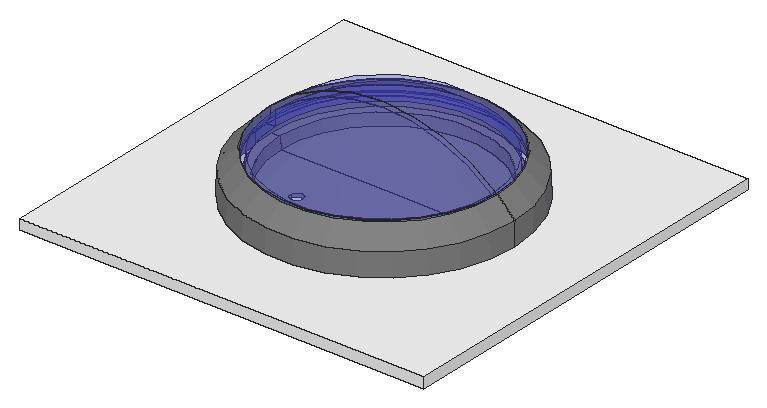
Revit family "BE_24175_de_DE", category Leuchten, Revit 2020
Family settings
  Basisbauteil = Fläche
  Bemaßung runder Anschluss = Durchmesser verwenden
  Teiletyp = Normal
  Beim Laden mit Abzugskörper schneiden = Ja
  Lichtquelle = Ja
  Gemeinsam genutzt = Nein
  Raumberechnungspunkt = Ja
Parameters (values of type "BEGA_24175_Grafit_K3")
  built-in parameter 1150104 = 15.524 (stored number, unit not read)
  Wattage = 12.9 W
  Default Elevation = 0 mm
  built-in parameter 1150113 = 1 (stored number, unit not read)
  built-in parameter 1114218 = 1 (stored number, unit not read)
  Umgebungstemperatur = "25 °C"
  URL = "https://www.bega.com/de/produkt/24175"
  Typenkommentare = "© 2022 BEGA. Wir behalten uns das Recht vor, technische Änderungen ohne vorherige Ankündigung vorzunehmen."  # constant formula
  Type Image = 24175.png
  built-in parameter 1150134 = (empty or 0)
  built-in parameter 1150109 = 1 (stored number, unit not read)
  Strom = ""
  built-in parameter 1150110 = 1 (stored number, unit not read)
  Spannung = 239.996 V
  Sonderanfertigung = no
  Seriennummer [instance] = "Hier können Sie die eindeutige Seriennummer für das Facility Management eintragen."
  Schutzklasse = "I"
  Schutzart = "IP 65"
  Scheinlast = 0 VA
  Produktdatenblatt = "https://cdn.bega.com/bega/products/24175K4/current/documents/data-sheets/de"
  Oberflächentemperatur = ""
  Neigungswinkel = 0.00°
  Modell = "24175K3"
  Material_17 = BEGA_Reflektor
  Material_15 = BEGA_Leuchtmedium_matt
  Material_11 = BEGA_Glas_opal
  Material_09 = BEGA_Glas_klar
  Material_06 = BEGA_Oberfläche_Edelstahl_gebürstet
  Material_03 = BEGA_Oberfläche_Weiss_matt
  Material_02 = BEGA_Oberfläche_Silber_matt
  Material_01 [instance] = BEGA_Oberfläche_Grafit_matt
  M_W = no
  M_G = yes
  M_A = no
  Logo = 0
  built-in parameter 1114217 = 1 (stored number, unit not read)
  built-in parameter 1150139 = (empty or 0)
  built-in parameter 1150105 = 171.54 (stored number, unit not read)
  built-in parameter 1150114 = 1 (stored number, unit not read)
  Lumens = 2155.59 lm
  built-in parameter 1150115 = 1 (stored number, unit not read)
  Leuchtenlichtstrom = "1450 lm"
  Leuchtenanzahl = ""
  Lebensdauerkriterien = "L70B50 @ 25 °C = 170000 h"
  Lastklassifizierung = Beleuchtung
  built-in parameter 1150112 = 1 (stored number, unit not read)
  Lampenlichtstrom = "2155 lm"
  Lampe = "LED 12.9 W"
  LED_Modulbezeichnung = "LED-0985/830"
  built-in parameter 1150142 = (empty or 0)
  Hersteller = "BEGA"  # constant formula
  Halbstreuwinkel = ""
  Gewicht = "2.5 kg"
  Gebrauchslageneinschränkung [instance] = ""
  Frequenz = "0/50-60 Hz"
  Farbwiedergabeindex = "CRI > 80"
  Farbtemperaturverschiebung bei Dämpfen der Lampe = <Keine Auswahl>
  Farbtemperatur = "3000 K"
  Color Filter = 16777215
  built-in parameter 1150133 = 10 (stored number, unit not read)
  Energieeffizienzklasse = "LED A++ - A"
  built-in parameter 1150137 = (empty or 0)
  built-in parameter 1150132 = (empty or 0)
  ENEC = "ja"
  Datei für fotometrisches Netz = "BE_24175K3.IES"
  CE_Konformität = "ja"
  Bestellnummer = "24175K3"
  Beschreibung_Sonderanfertigung = "Hier können Sie Informationen zur Sonderanfertigung eintragen."
  Beschreibung = "Decken- und Wandleuchte"
  built-in parameter 1150106 = 1.7154 (stored number, unit not read)
  Befestigungsbohrung = "Ø 4,5 mm"
  Befestigungsabstand = "236 mm"
  Ballwurfsicher = ""
  BEGA_Intern_aus = yes
  BEGA_Intern_an = yes
  BEGA_Intern_Konstruktion = yes
  BEGA_Intern = yes
  BEGA_IES = yes
  BEGA_Dummy = no
  Anschlussleitung = ""
  Anschlussleistung [instance] = "15 W"
  built-in parameter 1150107 = 3000 (stored number, unit not read)
  built-in parameter 1150102 = (empty or 0)
  built-in parameter 1150138 = (empty or 0)
  Aktualisierung = "2022-05-18T04:00:07"
  Abstand_zur_angestrahlten_Fläche [instance] = ""
  AC/DC = "AC/DC"
Types (4, lengths in mm): name | built-in parameter 1150104 | built-in parameter 1150134 | Modell | M_G | M_A | built-in parameter 1150105 | Lumens | Leuchtenlichtstrom | Lampenlichtstrom | LED_Modulbezeichnung | Farbtemperatur | Datei für fotometrisches Netz | Bestellnummer | built-in parameter 1150106 | built-in parameter 1150107
  BEGA_24175_Silber_K3 | 15.524 (stored number, unit not read) | (empty or 0) | "24175AK3" | no | yes | 171.54 (stored number, unit not read) | 2155.59 lm | "1450 lm" | "2155 lm" | "LED-0985/830" | "3000 K" | "BE_24175K3.IES" | "24175AK3" | 1.7154 (stored number, unit not read) | 3000 (stored number, unit not read)
  BEGA_24175_Grafit_K3 | 15.524 (stored number, unit not read) | (empty or 0) | "24175K3" | yes | no | 171.54 (stored number, unit not read) | 2155.59 lm | "1450 lm" | "2155 lm" | "LED-0985/830" | "3000 K" | "BE_24175K3.IES" | "24175K3" | 1.7154 (stored number, unit not read) | 3000 (stored number, unit not read)
  BEGA_24175_Silber_K4 | 16.314 (stored number, unit not read) | 12 | "24175AK4" | no | yes | 180.26 (stored number, unit not read) | 2265.24 lm | "1524 lm" | "2265 lm" | "LED-0985/840" | "4000 K" | "BE_24175K4.IES" | "24175AK4" | 1.8026 (stored number, unit not read) | 4000 (stored number, unit not read)
  BEGA_24175_Grafit_K4 | 16.314 (stored number, unit not read) | 12 | "24175K4" | yes | no | 180.26 (stored number, unit not read) | 2265.24 lm | "1524 lm" | "2265 lm" | "LED-0985/840" | "4000 K" | "BE_24175K4.IES" | "24175K4" | 1.8026 (stored number, unit not read) | 4000 (stored number, unit not read)
Reference planes
  plane 1 "Mitte (Vorne/Hinten)": y = 0
  plane 2: z = 0
  plane 3 "Mitte (Links/Rechts)": x = 0
  plane 4 "Links": x = -130
  plane 5 "Rechts": x = 130
  plane 6 "Unten": y = -130
  plane 7 "Oben": y = 130
  plane 8 "Vorne": z = 86
  plane 9 "Hinten": z = 0
Forms (mm)
  Extrusion 1, solid, material "BEGA_Platte_Weiss"
    sketch origin (0, -1119.2, 0) x (1, 0, 0) y (0, 1, 0)
      loop
        line (-200, 1319.2) -> (-200, 919.2) -> (200, 919.2) -> (200, 1319.2) -> (-200, 1319.2)
    from 0 to -10
  Extrusion 2, solid, material "BEGA_Dummy_matt", visible <- "BEGA_Dummy"
    sketch origin (77.149, -76.023, 0) x (1, 0, 0) y (0, 1, 0)
      loop
        circle (-77.149, 76.023) r 130
    from 0 to 86
Dimensions and locks
  plane 1 "Mitte (Vorne/Hinten)" to Extrusion 1 = 200 mm
  aligned and locked: plane 2 to Extrusion 1
  aligned and locked: level to Extrusion 1
Nested families
  nested 1: "BE_24175" at (0, 0, 0), type "BE_24175"
Connectors
  electrical at (0, 0, 0), driven by "Lastklassifizierung", driven by "Spannung", driven by "Scheinlast"
    settings: index 1, voltage 239.996 V, apparent load 0 VA, apparent load phase1 0 VA, apparent load phase2 0 VA, apparent load phase3 0 VA, power factor 1, load classification "Beleuchtung", number of poles 1, system type 31, power factor state 1, is connector primary yes, connector utility no, sub classification motor no, connector description ""
Definition of nested family "BE_24175"
  Parameters (values of type "BE_24175")
    Default Elevation = 1 mm
    URL = "http://www.bega.de/de/produkt"
    Type Comments = "© 2015 BEGA. Wir behalten uns das Recht vor, technische Änderungen ohne vorherige Ankündigung vorzunehmen. "  # constant formula
    Type Image = (empty or 0)
    Neigungswinkel_um_Z2 = 0.00°
    Neigungswinkel_um_Z1 = 0.00°
    Neigungswinkel_um_Y2 = 0.00°
    Neigungswinkel_um_Y1 = 0.00°
    Neigungswinkel_um_X2 = 0.00°
    Neigungswinkel_um_X1 = 0.00°
    Material_17 = none
    Material_15 = none
    Material_11 = none
    Material_09 = none
    Material_06 = none
    Material_02 = none
    Material_01 = none
    M_W = yes
    M_G = yes
    M_A = yes
    Länge_Platte = 200 mm  # constant formula
    Höhe_Platte = -10 mm  # constant formula
    Manufacturer = "BEGA"  # constant formula
    Drehwinkel_um_Z2 = 0.00°
    Drehwinkel_um_Z1 = 0.00°
    Breite_Platte = 200 mm  # constant formula
  Reference planes
    plane 1 "Mitte (Oben/Unten)": y = 0
    plane 2: z = 0
    plane 3 "Mitte (Links/Rechts)": x = 0
    plane 4 "Vorne": z = 86
    plane 5 "Hinten": z = -100
    plane 6 "Rechts": x = 130
    plane 7 "Oben": y = 130
    plane 8 "Unten": y = -130
    plane 9: x = -130
  Forms (mm)
    Extrusion 1, solid, detail levels medium
      sketch origin (0, 0, 0) x (1, 0, 0) y (0, 1, 0)
        loop
          line (-100, 100) -> (-100, -100) -> (100, -100) -> (100, 100) -> (-100, 100)
      from 0 to -10 <- "Höhe_Platte"
    Revolve 2, solid, material <- "Material_11"
      sketch origin (0, 0, 0) x (1, 0, 0) y (0, 0, 1)
        loop
          arc (0, 85.441) -> (-59.627, 74.573) -> (-111.585, 43.365) r 168.999
          line (-111.585, 43.365) -> (-112.017, 31) -> (-115.862, 31) -> (-116.036, 26) -> (-107.188, 26) -> (-106.664, 41.016)
          arc (-106.664, 41.016) -> (-56.859, 70.269) -> (0, 80.441) r 164.002
          line (0, 80.441) -> (0, 85.441)
        axis (0, 85.441) -> (0, 26)
      angle from 0 to 360
    Revolve 3, solid
      sketch origin (0, 0, 0) x (1, 0, 0) y (0, 0, 1)
        loop
          arc (-112.664, 42.63) -> (-121.237, 34.401) -> (-129.211, 25.591) r 169
          line (-129.211, 25.591) -> (-130, 3) -> (-127.4, 3) -> (-126.651, 24.435)
          arc (-126.651, 24.435) -> (-122.893, 28.702) -> (-118.991, 32.838) r 166.3
          line (-118.991, 32.838) -> (-113, 33.014) -> (-112.664, 42.63)
        axis (0, 3) -> (0, 42.63)
      angle from 0 to 360
    Revolve 4, solid, material <- "Material_01"
      sketch origin (0, 0, 0) x (1, 0, 0) y (0, 0, 1)
        loop
          line (-111.681, 0) -> (-108, 0) -> (-107.623, 10.8) -> (-105.2, 10.8) -> (-104.99, 4.8) -> (0, 4.8) -> (0, 7.6) -> (-102.084, 7.6) -> (-102.5, 19.5) -> (-111.14, 19.5) -> (-111.07, 17.5) -> (-111.681, 0)
        axis (0, 0) -> (0, 19.5)
      angle from 0 to 360
    Revolve 5, solid, material <- "Material_01", visible <- "M_G"
      sketch origin (0, 0, 0) x (1, 0, 0) y (0, 0, 1)
        loop
          arc (-112.664, 42.63) -> (-121.237, 34.401) -> (-129.211, 25.591) r 169
          line (-129.211, 25.591) -> (-130, 3) -> (-127.4, 3) -> (-126.651, 24.435)
          arc (-126.651, 24.435) -> (-122.893, 28.702) -> (-118.991, 32.838) r 166.3
          line (-118.991, 32.838) -> (-113, 33.014) -> (-112.664, 42.63)
        axis (0, 3) -> (0, 42.63)
      angle from 0 to 360
    Extrusion 6, solid, material <- "Material_01"
      sketch origin (0, 0, 0) x (1, 0, 0) y (0, 1, 0)
        loop
          arc (-122.07, 15.099) -> (-123, 0) -> (-122.07, -15.099) r 123
          line (-122.07, -15.099) -> (-108.551, -17.482)
          arc (-108.551, -17.482) -> (-109.95, 0) -> (-108.551, 17.482) r 109.95
          line (-108.551, 17.482) -> (-122.07, 15.099)
        loop
          arc (-119.806, 7.818) -> (-120.061, 0.077) -> (-119.816, -7.663) r 120.061
          arc (-119.816, -7.663) -> (-117.312, -10.06) -> (-114.714, -7.765) r 2.561
          arc (-114.714, -7.765) -> (-114.962, -0.016) -> (-114.71, 7.733) r 120.061
          arc (-114.71, 7.733) -> (-117.295, 10.06) -> (-119.816, 7.663) r 2.561
        loop
          line (122.07, 15.099) -> (108.551, 17.482)
          arc (108.551, 17.482) -> (109.95, 0) -> (108.551, -17.482) r 109.95
          line (108.551, -17.482) -> (122.07, -15.099)
          arc (122.07, -15.099) -> (123, 0) -> (122.07, 15.099) r 123
        loop
          arc (119.816, -7.663) -> (120.061, 0) -> (119.816, 7.663) r 120.061
          arc (119.816, 7.663) -> (117.48, 10.051) -> (114.77, 8.097) r 2.561
          arc (114.77, 8.097) -> (115.041, 0.008) -> (114.766, -8.081) r 120.061
          arc (114.766, -8.081) -> (117.471, -10.052) -> (119.816, -7.663) r 2.561
      from 0 to 3.077
    Revolve 7, solid, material <- "Material_02", visible <- "M_A"
      sketch origin (0, 0, 0) x (1, 0, 0) y (0, 0, 1)
        loop
          arc (-112.664, 42.63) -> (-121.237, 34.401) -> (-129.211, 25.591) r 169
          line (-129.211, 25.591) -> (-130, 3) -> (-127.4, 3) -> (-126.651, 24.435)
          arc (-126.651, 24.435) -> (-122.893, 28.702) -> (-118.991, 32.838) r 166.3
          line (-118.991, 32.838) -> (-113, 33.014) -> (-112.664, 42.63)
        axis (0, 3) -> (0, 42.63)
      angle from 0 to 360
    Extrusion 8, void
      sketch origin (0, 0, 0) x (1, 0, 0) y (0, 1, 0)
        loop
          circle (-45.491, -50.894) r 6.005
        loop
          circle (45.491, -50.894) r 6.005
      from 0 to 20.35
  Cuts and joins
    Extrusion 8 cuts Revolve 4
    Extrusion 8 cuts Extrusion 6
    joined: Revolve 4, Extrusion 6
    Extrusion 8 cuts Revolve 2
  Dimensions and locks
    equal spacing: Extrusion 1 sketch curve, plane 3 "Mitte (Links/Rechts)", Extrusion 1 sketch curve
    equal spacing: Extrusion 1 sketch curve, plane 1 "Mitte (Oben/Unten)", Extrusion 1 sketch curve
    "Länge_Platte": Extrusion 1 sketch curve to Extrusion 1 sketch curve
    "Breite_Platte": Extrusion 1 sketch curve to Extrusion 1 sketch curve
    aligned and locked: plane 2 to Extrusion 1
    aligned and locked: level to Extrusion 1
  Automatic sketch dimensions
    level to Revolve 2 sketch curve = 26 mm
    Revolve 2 sketch curve to Revolve 2 sketch curve = 0.175 mm
    level to Revolve 2 sketch curve = 31 mm
    Revolve 2 sketch curve to Revolve 2 sketch curve = 3.845 mm
    Revolve 2 sketch curve to Revolve 2 sketch curve = 0.432 mm
    Revolve 2 sketch curve to Revolve 2 sketch curve = 4.828 mm
    Revolve 2 sketch curve to Revolve 2 sketch curve = 4.921 mm
    Revolve 2 sketch curve to plane 3 "Mitte (Links/Rechts)" = 0 mm
    plane 3 "Mitte (Links/Rechts)" to Revolve 2 sketch curve = 0 mm
    plane 3 "Mitte (Links/Rechts)" to Revolve 2 sketch curve = 0.001 mm
    plane 5 "Hinten" to Revolve 2 sketch curve = 16.442 mm
    Revolve 2 sketch curve to Revolve 2 sketch curve = 0.002 mm
    Revolve 2 sketch curve to Revolve 2 sketch curve = 10.016 mm
    Revolve 2 sketch curve to Revolve 2 sketch curve = 2.35 mm
    Revolve 2 sketch curve to Revolve 2 sketch curve = 0 mm  (x3)
    Revolve 3 sketch curve to plane 3 "Mitte (Links/Rechts)" = 0 mm  (x2)
    level to Revolve 3 sketch curve = 42.63 mm
    level to Revolve 3 sketch curve = 33.014 mm
    Revolve 3 sketch curve to Revolve 3 sketch curve = 0.336 mm
    level to Revolve 3 sketch curve = 32.838 mm
    Revolve 3 sketch curve to Revolve 3 sketch curve = 5.992 mm
    level to Revolve 3 sketch curve = 24.435 mm
    Revolve 3 sketch curve to Revolve 3 sketch curve = 7.66 mm
    level to Revolve 3 sketch curve = 3 mm
    Revolve 3 sketch curve to Revolve 3 sketch curve = 0.749 mm
    level to Revolve 3 sketch curve = 25.591 mm
    Revolve 3 sketch curve to Revolve 3 sketch curve = 2.56 mm
    Revolve 3 sketch curve to Revolve 3 sketch curve = 2.6 mm
    plane 3 "Mitte (Links/Rechts)" to Revolve 3 sketch curve = 0 mm
    level to Revolve 3 sketch curve = 8.328 mm
    Revolve 3 sketch curve to Revolve 3 sketch curve = 17.672 mm
    Revolve 4 sketch curve to level = 0 mm
    Revolve 4 sketch curve to plane 3 "Mitte (Links/Rechts)" = 0 mm  (x3)
    level to Revolve 4 sketch curve = 7.6 mm
    Revolve 4 sketch curve to Revolve 4 sketch curve = 0.416 mm
    Revolve 4 sketch curve to Revolve 4 sketch curve = 2.906 mm
    level to Revolve 4 sketch curve = 10.8 mm
    Revolve 4 sketch curve to Revolve 4 sketch curve = 3.116 mm
    Revolve 4 sketch curve to Revolve 4 sketch curve = 2.423 mm
    Revolve 4 sketch curve to Revolve 4 sketch curve = 3.01 mm
    level to Revolve 4 sketch curve = 17.5 mm
    Revolve 4 sketch curve to Revolve 4 sketch curve = 3.447 mm
    Revolve 4 sketch curve to Revolve 4 sketch curve = 0.07 mm
    Revolve 4 sketch curve to Revolve 4 sketch curve = 3.681 mm
    Revolve 4 sketch curve to Revolve 4 sketch curve = 2.8 mm
    Revolve 4 sketch curve to Revolve 4 sketch curve = 2 mm
    Revolve 4 sketch curve to Revolve 4 sketch curve = 0 mm
    Revolve 4 sketch curve to Revolve 4 sketch curve = 18.4 mm
    Revolve 5 sketch curve to plane 3 "Mitte (Links/Rechts)" = 0 mm  (x2)
    Revolve 5 sketch curve to level = 0 mm
    level to Revolve 5 sketch curve = 42.63 mm
    level to Revolve 5 sketch curve = 33.014 mm
    Revolve 5 sketch curve to Revolve 5 sketch curve = 0.336 mm
    level to Revolve 5 sketch curve = 32.838 mm
    Revolve 5 sketch curve to Revolve 5 sketch curve = 5.992 mm
    level to Revolve 5 sketch curve = 24.435 mm
    Revolve 5 sketch curve to Revolve 5 sketch curve = 7.66 mm
    level to Revolve 5 sketch curve = 3 mm
    Revolve 5 sketch curve to Revolve 5 sketch curve = 0.749 mm
    level to Revolve 5 sketch curve = 25.591 mm
    Revolve 5 sketch curve to Revolve 5 sketch curve = 2.56 mm
    Revolve 5 sketch curve to Revolve 5 sketch curve = 2.6 mm
    plane 3 "Mitte (Links/Rechts)" to Revolve 5 sketch curve = 0 mm
    Revolve 5 sketch curve to Revolve 5 sketch curve = 27.529 mm
    Extrusion 6 sketch curve to Extrusion 6 sketch curve = 0 mm  (x19)
    plane 1 "Mitte (Oben/Unten)" to Extrusion 6 sketch curve = 0 mm
    Extrusion 6 sketch curve to plane 3 "Mitte (Links/Rechts)" = 0 mm
    Extrusion 6 sketch curve to plane 1 "Mitte (Oben/Unten)" = 0.037 mm
    Extrusion 6 sketch curve to plane 3 "Mitte (Links/Rechts)" = 5.02 mm
    plane 1 "Mitte (Oben/Unten)" to Extrusion 6 sketch curve = 7.5 mm
    Extrusion 6 sketch curve to plane 1 "Mitte (Oben/Unten)" = 7.5 mm  (x2)
    plane 1 "Mitte (Oben/Unten)" to Extrusion 6 sketch curve = 0.041 mm
    plane 3 "Mitte (Links/Rechts)" to Extrusion 6 sketch curve = 5.098 mm
    Extrusion 6 sketch curve to Extrusion 6 sketch curve = 2.55 mm
    Extrusion 6 sketch curve to Extrusion 6 sketch curve = 2.547 mm
    Extrusion 6 sketch curve to Extrusion 6 sketch curve = 6.159 mm
    plane 1 "Mitte (Oben/Unten)" to Extrusion 6 sketch curve = 17.482 mm
    Extrusion 6 sketch curve to Extrusion 6 sketch curve = 6.162 mm
    Extrusion 6 sketch curve to Extrusion 6 sketch curve = 2.545 mm
    Extrusion 6 sketch curve to Extrusion 6 sketch curve = 2.555 mm  (x2)
    Extrusion 6 sketch curve to Extrusion 6 sketch curve = 0.01 mm
    Extrusion 6 sketch curve to plane 1 "Mitte (Oben/Unten)" = 15.099 mm  (x2)
    Extrusion 6 sketch curve to Extrusion 6 sketch curve = 13.519 mm  (x4)
    plane 1 "Mitte (Oben/Unten)" to Extrusion 6 sketch curve = 15.099 mm  (x2)
    Extrusion 6 sketch curve to Extrusion 6 sketch curve = 2.494 mm
    Extrusion 6 sketch curve to Extrusion 6 sketch curve = 2.49 mm
    Extrusion 6 sketch curve to plane 1 "Mitte (Oben/Unten)" = 17.482 mm
    Extrusion 6 sketch curve to Extrusion 6 sketch curve = 6.219 mm
    Extrusion 6 sketch curve to Extrusion 6 sketch curve = 8.709 mm
    Extrusion 6 sketch curve to Extrusion 6 sketch curve = 0.581 mm
    Extrusion 6 sketch curve to Extrusion 6 sketch curve = 0.163 mm  (x2)
    Revolve 7 sketch curve to plane 3 "Mitte (Links/Rechts)" = 0 mm  (x2)
    Revolve 7 sketch curve to level = 0 mm
    level to Revolve 7 sketch curve = 42.63 mm
    level to Revolve 7 sketch curve = 33.014 mm
    Revolve 7 sketch curve to Revolve 7 sketch curve = 0.336 mm
    level to Revolve 7 sketch curve = 32.838 mm
    Revolve 7 sketch curve to Revolve 7 sketch curve = 5.992 mm
    level to Revolve 7 sketch curve = 24.435 mm
    Revolve 7 sketch curve to Revolve 7 sketch curve = 7.66 mm
    level to Revolve 7 sketch curve = 3 mm
    Revolve 7 sketch curve to Revolve 7 sketch curve = 0.749 mm
    level to Revolve 7 sketch curve = 25.591 mm
    Revolve 7 sketch curve to Revolve 7 sketch curve = 2.56 mm
    Revolve 7 sketch curve to Revolve 7 sketch curve = 2.6 mm
    plane 3 "Mitte (Links/Rechts)" to Revolve 7 sketch curve = 0 mm
    Revolve 7 sketch curve to Revolve 7 sketch curve = 27.529 mm
    Extrusion 8 sketch curve to plane 3 "Mitte (Links/Rechts)" = 45.491 mm
    plane 3 "Mitte (Links/Rechts)" to Extrusion 8 sketch curve = 45.491 mm
    plane 1 "Mitte (Oben/Unten)" to Extrusion 8 sketch curve = 50.894 mm  (x2)
    plane 9 to Revolve 2 sketch curve = 23.336 mm
    Revolve 3 sketch curve to plane 9 = 0 mm
    plane 9 to Revolve 4 sketch curve = 27.916 mm
    Revolve 5 sketch curve to plane 9 = 0 mm
    Revolve 7 sketch curve to plane 9 = 0 mm
    radius of Extrusion 8 sketch curve = 6.005 mm  (x2)
